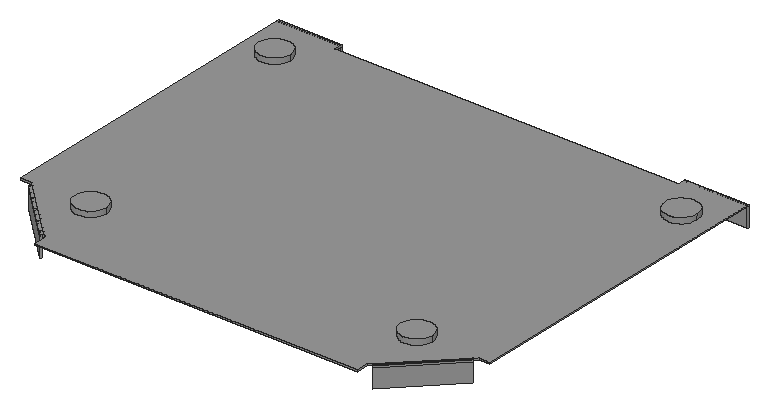
Revit family "Deckel für T-Abzweigstück Magic, Bei NB 100-200", category Generic Models, Revit 2015
Parameters (values of type "DFTM 200 DD")
  Width 1 = 148.6 mm
  Width = 297.2 mm
  URL = "http://www.obo-bettermann.com"
  Material = Strip galvanised zinc/aluminium, Double Dip
  Manufacturer Art.No. = "7138834"
  Manufacturer = "OBO Bettermann"
  Length 2 = 204 mm
  Length 1 = 5 mm
  Length = 250.7 mm
  Height 1 = 2 mm
  Height = 1 mm
  GTIN = "4012195931003"
  Article Type = "DFTM 200 DD"
Types (7, lengths in mm): name | Width 1 | Width | Material | Manufacturer Art.No. | Length 2 | Length | GTIN | Article Type
  (no name) | 148.6 | 297.2 | Strip galvanised zinc/aluminium, Double Dip | "7138834" | 204 | 250.7 | "4012195931003" | "DFTM 200 DD"
  DFTM 100 FS | 98.6 | 197.2 | Strip-galvanised | "7138790" | 104 | 150.7 | "4012195930884" | "DFTM 100 FS"
  DFTM 150 FS | 123.6 | 247.2 | Strip-galvanised | "7138792" | 154 | 200.7 | "4012195930891" | "DFTM 150 FS"
  DFTM 200 FS | 148.6 | 297.2 | Strip-galvanised | "7138794" | 204 | 250.7 | "4012195930907" | "DFTM 200 FS"
  DFTM 100 DD | 98.6 | 197.2 | Strip galvanised zinc/aluminium, Double Dip | "7138830" | 104 | 150.7 | "4012195930952" | "DFTM 100 DD"
  DFTM 150 DD | 123.6 | 247.2 | Strip galvanised zinc/aluminium, Double Dip | "7138832" | 154 | 200.7 | "4012195930969" | "DFTM 150 DD"
  DFTM 200 DD | 148.6 | 297.2 | Strip galvanised zinc/aluminium, Double Dip | "7138834" | 204 | 250.7 | "4012195931003" | "DFTM 200 DD"
Reference planes
  plane 1 "Center (Front/Back)": y = 0
  plane 2: z = 0
  plane 3 "Center (Left/Right)": x = 0
  plane 4: z = -1
  plane 5: z = -13
  plane 6: z = 3.3
Forms (mm)
  Extrusion 1, solid, material "Strip galvanised zinc/aluminium, Double Dip" <- "Material"
    sketch origin (0, 0, 0) x (1, 0, 0) y (0, 1, 0)
      loop
        line (-148.6, 250.7) -> (-148.6, 46.7) -> (-141.1, 46.7) -> (-101.9, 7.5) -> (-101.9, 0) -> (101.9, 0) -> (101.9, 7.5) -> (141.1, 46.7) -> (148.6, 46.7) -> (148.6, 250.7) -> (108.6, 250.7) -> (108.6, 245.7) -> (-108.6, 245.7) -> (-108.6, 250.7) -> (-148.6, 250.7)
    from -1 to 0
  Extrusion 2, solid, material "Strip galvanised zinc/aluminium, Double Dip" <- "Material"
    sketch origin (0, 0, 0) x (1, 0, 0) y (0, 1, 0)
      loop
        line (103.845, 9.445) -> (105.259, 8.03) -> (140.57, 43.341) -> (139.155, 44.755) -> (103.845, 9.445)
      loop
        line (-139.155, 44.755) -> (-140.57, 43.341) -> (-105.259, 8.03) -> (-103.845, 9.445) -> (-139.155, 44.755)
    from -1 to 0
  Extrusion 3, solid, material "Strip galvanised zinc/aluminium, Double Dip" <- "Material"
    sketch origin (0, 0, 0) x (1, 0, 0) y (0, 1, 0)
      loop
        line (105.259, 8.03) -> (140.57, 43.341) -> (139.863, 44.048) -> (104.552, 8.737) -> (105.259, 8.03)
      loop
        line (-140.57, 43.341) -> (-105.259, 8.03) -> (-104.552, 8.737) -> (-139.863, 44.048) -> (-140.57, 43.341)
      loop
        line (108.6, 250.7) -> (108.6, 249.7) -> (148.6, 249.7) -> (148.6, 250.7) -> (108.6, 250.7)
      loop
        line (-148.6, 250.7) -> (-148.6, 249.7) -> (-108.6, 249.7) -> (-108.6, 250.7) -> (-148.6, 250.7)
    from -13 to 0
  Extrusion 4, solid, material "Strip galvanised zinc/aluminium, Double Dip" <- "Material"
    sketch origin (0, 0, 0) x (1, 0, 0) y (0, 1, 0)
      loop
        circle (128.6, 222.7) r 10
      loop
        circle (-128.6, 222.7) r 10
      loop
        circle (103.1, 45.5) r 10
      loop
        circle (-103.1, 45.5) r 10
    from 0 to 3.3
Dimensions and locks
  "Length": plane 1 "Center (Front/Back)" to Extrusion 1 sketch curve
  "Width": Extrusion 1 sketch curve to Extrusion 1 sketch curve
  "Width 1": Extrusion 1 sketch curve to plane 3 "Center (Left/Right)"
  "Length 1": Extrusion 1 sketch curve to Extrusion 1 sketch curve
  locked: Extrusion 1 sketch curve to Extrusion 1 sketch curve at 40  (x2)
  "Length 2": Extrusion 1 sketch curve to Extrusion 1 sketch curve
  locked: Extrusion 1 sketch curve to Extrusion 1 sketch curve at 7.5  (x3)
  "Height": level to plane 4
  locked: Extrusion 2 sketch curve to Extrusion 1 at 2.75  (x2)
  "Height 1": Extrusion 2 sketch curve to Extrusion 1  (x2)
  locked: Extrusion 1 to Extrusion 2 sketch curve at 2.75
  Extrusion 1 to Extrusion 2 sketch curve = 2.75 mm
  locked: level to plane 5 at 13
  "Height": Extrusion 2 to Extrusion 3 sketch curve  (x2)
  "Height": Extrusion 1 to Extrusion 3 sketch curve  (x2)
  locked: Extrusion 4 sketch curve to Extrusion 1 at 20
  locked: Extrusion 3 to Extrusion 4 sketch curve at 28  (x2)
  locked: Extrusion 1 to Extrusion 4 sketch curve at 20
  locked: Extrusion 4 sketch curve to Extrusion 1 at 45.5
  locked: Extrusion 1 to Extrusion 4 sketch curve at 45.5  (x3)
  locked: plane 6 to level at 3.3
  radius of Extrusion 4 sketch curve = 10 mm  (x4)
  locked: Extrusion 1 sketch curve to Extrusion 1 sketch curve (angle 135.00°)  (x2)
  aligned and locked: level to plane 2
  aligned and locked: Extrusion 1 sketch curve to Extrusion 1 sketch curve  (x3)
  aligned and locked: Extrusion 1 sketch curve to plane 1 "Center (Front/Back)"
  aligned and locked: Extrusion 1 to plane 4
  aligned and locked: level to Extrusion 1
  aligned and locked: Extrusion 1 to Extrusion 2 sketch curve  (x2)
  aligned and locked: level to Extrusion 2
  aligned and locked: Extrusion 1 to Extrusion 2
  aligned and locked: Extrusion 3 sketch curve to Extrusion 2  (x6)
  aligned and locked: Extrusion 3 to plane 5
  aligned and locked: level to Extrusion 3
  aligned and locked: Extrusion 3 sketch curve to Extrusion 1  (x5)
  aligned and locked: Extrusion 3 sketch curve to Extrusion 3 sketch curve
  aligned and locked: Extrusion 4 to level
  aligned and locked: Extrusion 4 to plane 6
